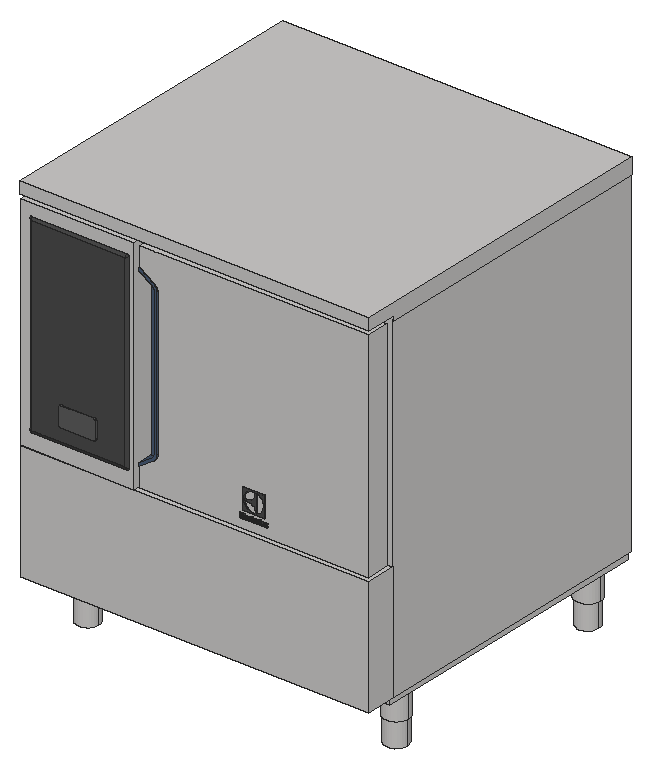
Revit family "QF_ELECTROLUXPROFESSIONAL_727730_EBFA61TE", category Specialty Equipment, Revit 2018
Family settings
  Round Connector Dimension = Use Diameter
  Part Type = Normal
  Work Plane-Based = No
  Always vertical = Yes
  Cut with Voids When Loaded = No
  Shared = No
  Room Calculation Point = No
Parameters
  Weight = 0.00 kg
  Watts = 0 W
  Volts = 380 V
  URL Manufacturer = "http://professional.electrolux.com"
  URL = "http://professional.electrolux.com"
  Steam Supply Size = 0 mm
  Steam Supply Minimum Pressure = 0.0 Pa
  Steam Supply Maximum Pressure = 0.0 Pa
  Steam Pounds per Hour = 0
  Show Logo [instance] = yes
  Show Clearance [instance] = yes
  Refrigeration Suction Line Size = 0 mm
  Refrigeration Liquid Line Size = 0 mm
  Refrigerant Compressor Remote = yes
  Manufacturer = "Electrolux"
  Phase = 3
  Model = "EBFA61TE"
  Length Actual = 897 mm  # constant formula
  Item Number = "727730"
  Hot Water Size = 0 mm
  Height Actual = 1060 mm  # constant formula
  HP = "3.6 HP"
  Gas Size = 0 mm
  Gas KW = 0
  Gas Input Pressure = 0 W
  Direct Waste Size = 139.7 mm
  Description = "SKYLINE CHILLS BLAST CHILLER FREEZER 30/30KG 6 GN 1/1 - WITH TOP"
  Depth Actual = 937 mm  # constant formula
  Cycle = 50 Hz
  Condensate Return Size = 0 mm
  Compressed Air Volume = 0.0 L/s
  Compressed Air Size = 0 mm
  Compressed Air Pressure = 0.0 Pa
  Cold Water Size = 0 mm
  Accessory = yes
Reference planes
  plane 1 "Center X": y = 126.851
  plane 2: z = 0
  plane 3 "Center Y": x = -311.5
  plane 4 "LEFT": x = -760
  plane 5 "BACK": y = 548.851
  plane 6 "RIGHT": x = 137
  plane 7 "FRONT": y = -295.149
  plane 8: z = 130
  plane 9 "TOP": z = 1060.038
  plane 10: x = -708
  plane 11: y = 473.851
  plane 12: x = 85
  plane 13: y = -142.149
  plane 14: z = 1020.038
  plane 15: y = 641.851
  plane 16: y = -847.149
Forms (mm)
  Extrusion 1, solid, material "QF_Finishes_Stainless Steel"
    sketch origin (0, 0, 1060.038) x (-1, 0, 0) y (0, -1, 0)
      loop
        line (759, -548.851) -> (759, 216.149) -> (-136, 216.149) -> (-136, -548.851) -> (759, -548.851)
    from -40 to -910.018
  Extrusion 2, solid, material "QF_Finishes_Stainless Steel"
    sketch origin (0, -295.149, 0) x (-1, 0, 0) y (0, 0, 1)
      loop
        line (451.2, 1020.033) -> (-135.995, 1020.033) -> (-135.995, 462.497) -> (451.2, 462.497) -> (451.2, 513.683) -> (415.41, 537.406)
        arc (415.41, 537.406) -> (408.839, 544.616) -> (406.46, 554.076) r 20
        line (406.46, 554.076) -> (406.46, 928.989)
        arc (406.46, 928.989) -> (408.716, 937.969) -> (414.947, 944.816) r 19
        line (414.947, 944.816) -> (451.2, 968.898) -> (451.2, 1020.033)
    from 0 to 60
  Extrusion 3, void
    sketch origin (-759, -216.149, 1060.038) x (-1, 0, 0) y (0, 0, 1)
      loop
        line (-370.8, -100) -> (-826.8, -100) -> (-826.8, -491.98) -> (-370.8, -491.98) -> (-370.8, -100)
    from 0 to 703
  Extrusion 4, solid, material "QF_Finishes_Stainless Steel"
    sketch origin (-760, -0.954, 0) x (0, 1, 0) y (0, 0, 1)
      loop
        line (549.805, 694.306) -> (549.805, 392.314) -> (635.5, 399.789)
        arc (635.5, 399.789) -> (640.702, 402.354) -> (642.805, 407.759) r 8
        line (642.805, 407.759) -> (642.805, 433.233)
        arc (642.805, 433.233) -> (638.783, 442.547) -> (642.805, 451.86) r 12.795
        line (642.805, 451.86) -> (642.805, 483.24)
        arc (642.805, 483.24) -> (638.783, 492.554) -> (642.805, 501.867) r 12.795
        line (642.805, 501.867) -> (642.805, 533.247)
        arc (642.805, 533.247) -> (638.783, 542.56) -> (642.805, 551.874) r 12.795
        line (642.805, 551.874) -> (642.805, 583.254)
        arc (642.805, 583.254) -> (638.783, 592.567) -> (642.805, 601.881) r 12.795
        line (642.805, 601.881) -> (642.805, 634.796)
        arc (642.805, 634.796) -> (641.466, 639.795) -> (637.808, 643.455) r 10
        line (637.808, 643.455) -> (549.805, 694.306)
    from 123.244 to 306.92
  Extrusion 5, solid, material "QF_Finishes_Stainless Steel"
    sketch origin (-817.599, 548.851, 1060.038) x (1, 0, 0) y (0, 0, -1)
      loop
        circle (121.599, 802.038) r 10.5
    from 0 to 29
  Extrusion 6, solid, material "QF_Finishes_Stainless Steel"
    sketch origin (0, -235.149, 0) x (-1, 0, 0) y (0, 0, 1)
      loop
        arc (406.46, 554.076) -> (408.839, 544.616) -> (415.41, 537.406) r 20
        line (415.41, 537.406) -> (451.2, 513.683) -> (451.2, 968.898) -> (414.947, 944.816)
        arc (414.947, 944.816) -> (408.716, 937.969) -> (406.46, 928.989) r 19
        line (406.46, 928.989) -> (406.46, 554.076)
    from -21 to 0
  Extrusion 7, solid, material "QF_Finishes_Electrolux_Blue"
    sketch origin (0, -295.149, 0) x (1, 0, 0) y (0, 0, 1)
      loop
        line (-451.2, 968.898) -> (-453.7, 968.898) -> (-453.7, 962.755) -> (-418.543, 939.401)
        arc (-418.543, 939.401) -> (-414.444, 934.897) -> (-412.96, 928.989) r 12.5
        line (-412.96, 928.989) -> (-412.96, 554.076)
        arc (-412.96, 554.076) -> (-414.566, 547.691) -> (-419.001, 542.824) r 13.5
        line (-419.001, 542.824) -> (-453.7, 519.824) -> (-453.7, 513.683) -> (-451.2, 513.683) -> (-415.41, 537.406)
        arc (-415.41, 537.406) -> (-408.839, 544.616) -> (-406.46, 554.076) r 20
        line (-406.46, 554.076) -> (-406.46, 928.989)
        arc (-406.46, 928.989) -> (-408.716, 937.969) -> (-414.947, 944.816) r 19
        line (-414.947, 944.816) -> (-451.2, 968.898)
    from -39 to 1
  Extrusion 8, solid, material "QF_Finishes_Stainless Steel"
    sketch origin (0, 0, 1060.038) x (-1, 0, 0) y (0, -1, 0)
      loop
        line (759, 295.149) -> (467.2, 295.149) -> (467.2, 217.149) -> (759, 217.149) -> (759, 295.149)
    from -40 to -607
  Extrusion 9, solid, material "QF_Finishes_Stainless Steel"
    sketch origin (-1206.916, -1524, 130) x (-1, 0, 0) y (0, -1, 0)
      loop
        line (-447.916, -1228.851) -> (-1342.916, -1228.851) -> (-1342.916, -1306.851) -> (-447.916, -1306.851) -> (-447.916, -1228.851)
    from 322 to 20.02
  Extrusion 10, solid, material "QF_Finishes_Stainless Steel"
    sketch origin (-311.5, 0, 0) x (0, 1, 0) y (0, 0, 1)
      loop
        line (548.851, 1060.038) -> (-295.149, 1060.038) -> (-295.149, 1030.034) -> (-216.149, 1030.034) -> (-216.149, 1020.038) -> (548.851, 1020.038) -> (548.851, 1060.038)
    from -448.5 to 448.5
  Extrusion 11, solid, material "QF_Finishes_Stainless Steel"
    sketch origin (0, 0, 1060.038) x (-1, 0, 0) y (0, -1, 0)
      loop
        line (748.993, -548.851) -> (748.993, 214.216) -> (-125.993, 214.216) -> (-125.993, -548.851) -> (748.993, -548.851)
    from -910.018 to -930.038
  Extrusion 12, solid, material "QF_Finishes_Stainless Steel"
    sketch origin (0, 0, 130) x (0, -1, 0) y (-1, 0, 0)
      loop
        circle (-215.851, 360) r 9.5
    from 0 to 31.68
  Extrusion 13, void
    sketch origin (0, 0, 1060.038) x (-1, 0, 0) y (0, -1, 0)
      loop
        line (627.033, -641.851) -> (636.756, -641.851) -> (636.756, -548.851) -> (635.125, -548.851) -> (627.033, -641.851)
      loop
        line (454.711, -548.851) -> (453.08, -548.851) -> (453.08, -641.851) -> (462.803, -641.851) -> (454.711, -548.851)
    from -673 to -363
  Extrusion 14, solid, material "QF_Door-Drawer Clearances", visible <- "Show Clearance", detail levels coarse
    sketch origin (143, -393.449, 0) x (0, -1, 0) y (0, 0, 1)
      loop
        line (451.2, 1020.033) -> (-98.3, 1020.033) -> (-98.3, 462.497) -> (451.2, 462.497) -> (451.2, 513.683) -> (415.41, 537.406)
        arc (415.41, 537.406) -> (408.839, 544.616) -> (406.46, 554.076) r 20
        line (406.46, 554.076) -> (406.46, 928.989)
        arc (406.46, 928.989) -> (408.716, 937.969) -> (414.947, 944.816) r 19
        line (414.947, 944.816) -> (451.2, 968.898) -> (451.2, 1020.033)
    from 0 to 60
  Extrusion 15, solid, material "QF_Door-Drawer Clearances", visible <- "Show Clearance", detail levels coarse
    sketch origin (83, -393.449, 0) x (0, -1, 0) y (0, 0, 1)
      loop
        arc (406.46, 554.076) -> (408.839, 544.616) -> (415.41, 537.406) r 20
        line (415.41, 537.406) -> (451.2, 513.683) -> (451.2, 968.898) -> (414.947, 944.816)
        arc (414.947, 944.816) -> (408.716, 937.969) -> (406.46, 928.989) r 19
        line (406.46, 928.989) -> (406.46, 554.076)
    from -21 to 0
  Extrusion 16, solid, material "QF_Door-Drawer Clearances", visible <- "Show Clearance", detail levels coarse
    sketch origin (143, -393.449, 0) x (0, 1, 0) y (0, 0, 1)
      loop
        line (-451.2, 968.898) -> (-453.7, 968.898) -> (-453.7, 962.755) -> (-418.543, 939.401)
        arc (-418.543, 939.401) -> (-414.444, 934.897) -> (-412.96, 928.989) r 12.5
        line (-412.96, 928.989) -> (-412.96, 554.076)
        arc (-412.96, 554.076) -> (-414.566, 547.691) -> (-419.001, 542.824) r 13.5
        line (-419.001, 542.824) -> (-453.7, 519.824) -> (-453.7, 513.683) -> (-451.2, 513.683) -> (-415.41, 537.406)
        arc (-415.41, 537.406) -> (-408.839, 544.616) -> (-406.46, 554.076) r 20
        line (-406.46, 554.076) -> (-406.46, 928.989)
        arc (-406.46, 928.989) -> (-408.716, 937.969) -> (-414.947, 944.816) r 19
        line (-414.947, 944.816) -> (-451.2, 968.898)
    from -39 to 1
  Extrusion 17, solid, material "QF_Door-Drawer Clearances", visible <- "Show Clearance", detail levels coarse
    sketch origin (0, 0, 1060.038) x (-1, 0, 0) y (0, -1, 0)
      loop
        line (-83, 295.149) -> (451.2, 295.149)
        arc (451.2, 295.149) -> (290.883, 673.709) -> (-83, 844.649) r 567.425
        line (-83, 844.649) -> (-83, 295.149)
    from -597.541 to -40
Cuts and joins
  Extrusion 3 cuts Extrusion 1
  Extrusion 13 cuts Extrusion 4
  joined: Extrusion 1, Extrusion 4, Extrusion 5, Extrusion 10, Extrusion 11, Extrusion 12
  joined: Extrusion 2, Extrusion 6
  joined: Extrusion 14, Extrusion 15, Extrusion 16, Extrusion 17
Lines and regions (mm)
  Split face 1
    outline origin (-489, -295.149, 130) x (-1, 0, 0) y (0, 0, -1)
      loop
        line (-132.388, -290.639) -> (-22.373, -290.639) -> (-22.373, -285.612) -> (-132.388, -285.612) -> (-132.388, -290.639)
  Split face 2
    outline origin (-489, -295.149, 120.528) x (-1, 0, 0) y (0, 0, -1)
      loop
        line (-132.388, -290.639) -> (-22.373, -290.639) -> (-22.373, -285.612) -> (-132.388, -285.612) -> (-132.388, -290.639)
  Split face 3
    outline origin (-489, -295.149, 111.056) x (-1, 0, 0) y (0, 0, -1)
      loop
        line (-132.388, -290.639) -> (-22.373, -290.639) -> (-22.373, -285.612) -> (-132.388, -285.612) -> (-132.388, -290.639)
  Split face 4
    outline origin (-489, -295.149, 101.583) x (-1, 0, 0) y (0, 0, -1)
      loop
        line (-132.388, -290.639) -> (-22.373, -290.639) -> (-22.373, -285.612) -> (-132.388, -285.612) -> (-132.388, -290.639)
  Split face 5
    outline origin (-489, -295.149, 92.111) x (-1, 0, 0) y (0, 0, -1)
      loop
        line (-132.388, -290.639) -> (-22.373, -290.639) -> (-22.373, -285.612) -> (-132.388, -285.612) -> (-132.388, -290.639)
  Split face 6
    outline origin (-489, -295.149, 82.639) x (-1, 0, 0) y (0, 0, -1)
      loop
        line (-132.388, -290.639) -> (-22.373, -290.639) -> (-22.373, -285.612) -> (-132.388, -285.612) -> (-132.388, -290.639)
  Split face 7
    outline origin (-489, -295.149, 73.167) x (-1, 0, 0) y (0, 0, -1)
      loop
        line (-132.388, -290.639) -> (-22.373, -290.639) -> (-22.373, -285.612) -> (-132.388, -285.612) -> (-132.388, -290.639)
  Split face 8
    outline origin (-489, -295.149, 63.695) x (-1, 0, 0) y (0, 0, -1)
      loop
        line (-132.388, -290.639) -> (-22.373, -290.639) -> (-22.373, -285.612) -> (-132.388, -285.612) -> (-132.388, -290.639)
  Split face 9
    outline origin (-489, -295.149, 54.223) x (-1, 0, 0) y (0, 0, -1)
      loop
        line (-132.388, -290.639) -> (-22.373, -290.639) -> (-22.373, -285.612) -> (-132.388, -285.612) -> (-132.388, -290.639)
  Split face 10
    outline origin (-489, -295.149, 44.75) x (-1, 0, 0) y (0, 0, -1)
      loop
        line (-132.388, -290.639) -> (-22.373, -290.639) -> (-22.373, -285.612) -> (-132.388, -285.612) -> (-132.388, -290.639)
  Split face 11
    outline origin (-489, -295.149, 35.278) x (-1, 0, 0) y (0, 0, -1)
      loop
        line (-132.388, -290.639) -> (-22.373, -290.639) -> (-22.373, -285.612) -> (-132.388, -285.612) -> (-132.388, -290.639)
  Split face 12
    outline origin (-489, -295.149, 25.806) x (-1, 0, 0) y (0, 0, -1)
      loop
        line (-132.388, -290.639) -> (-22.373, -290.639) -> (-22.373, -285.612) -> (-132.388, -285.612) -> (-132.388, -290.639)
  Split face 13
    outline origin (-489, -295.149, 16.334) x (-1, 0, 0) y (0, 0, -1)
      loop
        line (-132.388, -290.639) -> (-22.373, -290.639) -> (-22.373, -285.612) -> (-132.388, -285.612) -> (-132.388, -290.639)
  Split face 14
    outline origin (-489, -295.149, 6.862) x (-1, 0, 0) y (0, 0, -1)
      loop
        line (-132.388, -290.639) -> (-22.373, -290.639) -> (-22.373, -285.612) -> (-132.388, -285.612) -> (-132.388, -290.639)
  Split face 15
    outline origin (-489, -295.149, -2.611) x (-1, 0, 0) y (0, 0, -1)
      loop
        line (-132.388, -290.639) -> (-22.373, -290.639) -> (-22.373, -285.612) -> (-132.388, -285.612) -> (-132.388, -290.639)
  Split face 16
    outline origin (-489, -295.149, -12.083) x (-1, 0, 0) y (0, 0, -1)
      loop
        line (-132.388, -290.639) -> (-22.373, -290.639) -> (-22.373, -285.612) -> (-132.388, -285.612) -> (-132.388, -290.639)
  Split face 17
    outline origin (-489, -295.149, -21.555) x (-1, 0, 0) y (0, 0, -1)
      loop
        line (-132.388, -290.639) -> (-22.373, -290.639) -> (-22.373, -285.612) -> (-132.388, -285.612) -> (-132.388, -290.639)
  Split face 18
    outline origin (-489, -295.149, -31.027) x (-1, 0, 0) y (0, 0, -1)
      loop
        line (-132.388, -290.639) -> (-22.373, -290.639) -> (-22.373, -285.612) -> (-132.388, -285.612) -> (-132.388, -290.639)
  Split face 19
    outline origin (-489, -295.149, -40.499) x (-1, 0, 0) y (0, 0, -1)
      loop
        line (-132.388, -290.639) -> (-22.373, -290.639) -> (-22.373, -285.612) -> (-132.388, -285.612) -> (-132.388, -290.639)
  Split face 20
    outline origin (-489, -295.149, -49.972) x (-1, 0, 0) y (0, 0, -1)
      loop
        line (-132.388, -290.639) -> (-22.373, -290.639) -> (-22.373, -285.612) -> (-132.388, -285.612) -> (-132.388, -290.639)
  Split face 21
    outline origin (-489, -295.149, -59.444) x (-1, 0, 0) y (0, 0, -1)
      loop
        line (-132.388, -290.639) -> (-22.373, -290.639) -> (-22.373, -285.612) -> (-132.388, -285.612) -> (-132.388, -290.639)
  Split face 22
    outline origin (-489, -295.149, -68.916) x (-1, 0, 0) y (0, 0, -1)
      loop
        line (-132.388, -290.639) -> (-22.373, -290.639) -> (-22.373, -285.612) -> (-132.388, -285.612) -> (-132.388, -290.639)
  Split face 23
    outline origin (-489, -295.149, -78.388) x (-1, 0, 0) y (0, 0, -1)
      loop
        line (-132.388, -290.639) -> (-22.373, -290.639) -> (-22.373, -285.612) -> (-132.388, -285.612) -> (-132.388, -290.639)
  Split face 24
    outline origin (-489, -295.149, -87.86) x (-1, 0, 0) y (0, 0, -1)
      loop
        line (-132.388, -290.639) -> (-22.373, -290.639) -> (-22.373, -285.612) -> (-132.388, -285.612) -> (-132.388, -290.639)
  Split face 25
    outline origin (-489, -295.149, -97.332) x (-1, 0, 0) y (0, 0, -1)
      loop
        line (-132.388, -290.639) -> (-22.373, -290.639) -> (-22.373, -285.612) -> (-132.388, -285.612) -> (-132.388, -290.639)
  Split face 26
    outline origin (-489, -295.149, -106.805) x (-1, 0, 0) y (0, 0, -1)
      loop
        line (-132.388, -290.639) -> (-22.373, -290.639) -> (-22.373, -285.612) -> (-132.388, -285.612) -> (-132.388, -290.639)
  Split face 27
    outline origin (-373.984, -295.149, 130) x (-1, 0, 0) y (0, 0, -1)
      loop
        line (-132.388, -290.639) -> (-22.373, -290.639) -> (-22.373, -285.612) -> (-132.388, -285.612) -> (-132.388, -290.639)
  Split face 28
    outline origin (-373.984, -295.149, 120.528) x (-1, 0, 0) y (0, 0, -1)
      loop
        line (-132.388, -290.639) -> (-22.373, -290.639) -> (-22.373, -285.612) -> (-132.388, -285.612) -> (-132.388, -290.639)
  Split face 29
    outline origin (-373.984, -295.149, 111.056) x (-1, 0, 0) y (0, 0, -1)
      loop
        line (-132.388, -290.639) -> (-22.373, -290.639) -> (-22.373, -285.612) -> (-132.388, -285.612) -> (-132.388, -290.639)
  Split face 30
    outline origin (-373.984, -295.149, 101.583) x (-1, 0, 0) y (0, 0, -1)
      loop
        line (-132.388, -290.639) -> (-22.373, -290.639) -> (-22.373, -285.612) -> (-132.388, -285.612) -> (-132.388, -290.639)
  Split face 31
    outline origin (-373.984, -295.149, 92.111) x (-1, 0, 0) y (0, 0, -1)
      loop
        line (-132.388, -290.639) -> (-22.373, -290.639) -> (-22.373, -285.612) -> (-132.388, -285.612) -> (-132.388, -290.639)
  Split face 32
    outline origin (-373.984, -295.149, 82.639) x (-1, 0, 0) y (0, 0, -1)
      loop
        line (-132.388, -290.639) -> (-22.373, -290.639) -> (-22.373, -285.612) -> (-132.388, -285.612) -> (-132.388, -290.639)
  Split face 33
    outline origin (-373.984, -295.149, 73.167) x (-1, 0, 0) y (0, 0, -1)
      loop
        line (-132.388, -290.639) -> (-22.373, -290.639) -> (-22.373, -285.612) -> (-132.388, -285.612) -> (-132.388, -290.639)
  Split face 34
    outline origin (-373.984, -295.149, 63.695) x (-1, 0, 0) y (0, 0, -1)
      loop
        line (-132.388, -290.639) -> (-22.373, -290.639) -> (-22.373, -285.612) -> (-132.388, -285.612) -> (-132.388, -290.639)
  Split face 35
    outline origin (-373.984, -295.149, 54.223) x (-1, 0, 0) y (0, 0, -1)
      loop
        line (-132.388, -290.639) -> (-22.373, -290.639) -> (-22.373, -285.612) -> (-132.388, -285.612) -> (-132.388, -290.639)
  Split face 36
    outline origin (-373.984, -295.149, 44.75) x (-1, 0, 0) y (0, 0, -1)
      loop
        line (-132.388, -290.639) -> (-22.373, -290.639) -> (-22.373, -285.612) -> (-132.388, -285.612) -> (-132.388, -290.639)
  Split face 37
    outline origin (-373.984, -295.149, 35.278) x (-1, 0, 0) y (0, 0, -1)
      loop
        line (-132.388, -290.639) -> (-22.373, -290.639) -> (-22.373, -285.612) -> (-132.388, -285.612) -> (-132.388, -290.639)
  Split face 38
    outline origin (-373.984, -295.149, 25.806) x (-1, 0, 0) y (0, 0, -1)
      loop
        line (-132.388, -290.639) -> (-22.373, -290.639) -> (-22.373, -285.612) -> (-132.388, -285.612) -> (-132.388, -290.639)
  Split face 39
    outline origin (-373.984, -295.149, 16.334) x (-1, 0, 0) y (0, 0, -1)
      loop
        line (-132.388, -290.639) -> (-22.373, -290.639) -> (-22.373, -285.612) -> (-132.388, -285.612) -> (-132.388, -290.639)
  Split face 40
    outline origin (-373.984, -295.149, 6.862) x (-1, 0, 0) y (0, 0, -1)
      loop
        line (-132.388, -290.639) -> (-22.373, -290.639) -> (-22.373, -285.612) -> (-132.388, -285.612) -> (-132.388, -290.639)
  Split face 41
    outline origin (-373.984, -295.149, -2.611) x (-1, 0, 0) y (0, 0, -1)
      loop
        line (-132.388, -290.639) -> (-22.373, -290.639) -> (-22.373, -285.612) -> (-132.388, -285.612) -> (-132.388, -290.639)
  Split face 42
    outline origin (-373.984, -295.149, -12.083) x (-1, 0, 0) y (0, 0, -1)
      loop
        line (-132.388, -290.639) -> (-22.373, -290.639) -> (-22.373, -285.612) -> (-132.388, -285.612) -> (-132.388, -290.639)
  Split face 43
    outline origin (-373.984, -295.149, -21.555) x (-1, 0, 0) y (0, 0, -1)
      loop
        line (-132.388, -290.639) -> (-22.373, -290.639) -> (-22.373, -285.612) -> (-132.388, -285.612) -> (-132.388, -290.639)
  Split face 44
    outline origin (-373.984, -295.149, -31.027) x (-1, 0, 0) y (0, 0, -1)
      loop
        line (-132.388, -290.639) -> (-22.373, -290.639) -> (-22.373, -285.612) -> (-132.388, -285.612) -> (-132.388, -290.639)
  Split face 45
    outline origin (-373.984, -295.149, -40.499) x (-1, 0, 0) y (0, 0, -1)
      loop
        line (-132.388, -290.639) -> (-22.373, -290.639) -> (-22.373, -285.612) -> (-132.388, -285.612) -> (-132.388, -290.639)
  Split face 46
    outline origin (-373.984, -295.149, -49.972) x (-1, 0, 0) y (0, 0, -1)
      loop
        line (-132.388, -290.639) -> (-22.373, -290.639) -> (-22.373, -285.612) -> (-132.388, -285.612) -> (-132.388, -290.639)
  Split face 47
    outline origin (-373.984, -295.149, -59.444) x (-1, 0, 0) y (0, 0, -1)
      loop
        line (-132.388, -290.639) -> (-22.373, -290.639) -> (-22.373, -285.612) -> (-132.388, -285.612) -> (-132.388, -290.639)
  Split face 48
    outline origin (-373.984, -295.149, -68.916) x (-1, 0, 0) y (0, 0, -1)
      loop
        line (-132.388, -290.639) -> (-22.373, -290.639) -> (-22.373, -285.612) -> (-132.388, -285.612) -> (-132.388, -290.639)
  Split face 49
    outline origin (-373.984, -295.149, -78.388) x (-1, 0, 0) y (0, 0, -1)
      loop
        line (-132.388, -290.639) -> (-22.373, -290.639) -> (-22.373, -285.612) -> (-132.388, -285.612) -> (-132.388, -290.639)
  Split face 50
    outline origin (-373.984, -295.149, -87.86) x (-1, 0, 0) y (0, 0, -1)
      loop
        line (-132.388, -290.639) -> (-22.373, -290.639) -> (-22.373, -285.612) -> (-132.388, -285.612) -> (-132.388, -290.639)
  Split face 51
    outline origin (-373.984, -295.149, -97.332) x (-1, 0, 0) y (0, 0, -1)
      loop
        line (-132.388, -290.639) -> (-22.373, -290.639) -> (-22.373, -285.612) -> (-132.388, -285.612) -> (-132.388, -290.639)
  Split face 52
    outline origin (-373.984, -295.149, -106.805) x (-1, 0, 0) y (0, 0, -1)
      loop
        line (-132.388, -290.639) -> (-22.373, -290.639) -> (-22.373, -285.612) -> (-132.388, -285.612) -> (-132.388, -290.639)
  Split face 53
    outline origin (-258.969, -295.149, 130) x (-1, 0, 0) y (0, 0, -1)
      loop
        line (-132.388, -290.639) -> (-22.373, -290.639) -> (-22.373, -285.612) -> (-132.388, -285.612) -> (-132.388, -290.639)
  Split face 54
    outline origin (-258.969, -295.149, 120.528) x (-1, 0, 0) y (0, 0, -1)
      loop
        line (-132.388, -290.639) -> (-22.373, -290.639) -> (-22.373, -285.612) -> (-132.388, -285.612) -> (-132.388, -290.639)
  Split face 55
    outline origin (-258.969, -295.149, 111.056) x (-1, 0, 0) y (0, 0, -1)
      loop
        line (-132.388, -290.639) -> (-22.373, -290.639) -> (-22.373, -285.612) -> (-132.388, -285.612) -> (-132.388, -290.639)
  Split face 56
    outline origin (-258.969, -295.149, 101.583) x (-1, 0, 0) y (0, 0, -1)
      loop
        line (-132.388, -290.639) -> (-22.373, -290.639) -> (-22.373, -285.612) -> (-132.388, -285.612) -> (-132.388, -290.639)
  Split face 57
    outline origin (-258.969, -295.149, 92.111) x (-1, 0, 0) y (0, 0, -1)
      loop
        line (-132.388, -290.639) -> (-22.373, -290.639) -> (-22.373, -285.612) -> (-132.388, -285.612) -> (-132.388, -290.639)
  Split face 58
    outline origin (-258.969, -295.149, 82.639) x (-1, 0, 0) y (0, 0, -1)
      loop
        line (-132.388, -290.639) -> (-22.373, -290.639) -> (-22.373, -285.612) -> (-132.388, -285.612) -> (-132.388, -290.639)
  Split face 59
    outline origin (-258.969, -295.149, 73.167) x (-1, 0, 0) y (0, 0, -1)
      loop
        line (-132.388, -290.639) -> (-22.373, -290.639) -> (-22.373, -285.612) -> (-132.388, -285.612) -> (-132.388, -290.639)
  Split face 60
    outline origin (-258.969, -295.149, 63.695) x (-1, 0, 0) y (0, 0, -1)
      loop
        line (-132.388, -290.639) -> (-22.373, -290.639) -> (-22.373, -285.612) -> (-132.388, -285.612) -> (-132.388, -290.639)
  Split face 61
    outline origin (-258.969, -295.149, 54.223) x (-1, 0, 0) y (0, 0, -1)
      loop
        line (-132.388, -290.639) -> (-22.373, -290.639) -> (-22.373, -285.612) -> (-132.388, -285.612) -> (-132.388, -290.639)
  Split face 62
    outline origin (-258.969, -295.149, 44.75) x (-1, 0, 0) y (0, 0, -1)
      loop
        line (-132.388, -290.639) -> (-22.373, -290.639) -> (-22.373, -285.612) -> (-132.388, -285.612) -> (-132.388, -290.639)
  Split face 63
    outline origin (-258.969, -295.149, 35.278) x (-1, 0, 0) y (0, 0, -1)
      loop
        line (-132.388, -290.639) -> (-22.373, -290.639) -> (-22.373, -285.612) -> (-132.388, -285.612) -> (-132.388, -290.639)
  Split face 64
    outline origin (-258.969, -295.149, 25.806) x (-1, 0, 0) y (0, 0, -1)
      loop
        line (-132.388, -290.639) -> (-22.373, -290.639) -> (-22.373, -285.612) -> (-132.388, -285.612) -> (-132.388, -290.639)
  Split face 65
    outline origin (-258.969, -295.149, 16.334) x (-1, 0, 0) y (0, 0, -1)
      loop
        line (-132.388, -290.639) -> (-22.373, -290.639) -> (-22.373, -285.612) -> (-132.388, -285.612) -> (-132.388, -290.639)
  Split face 66
    outline origin (-258.969, -295.149, 6.862) x (-1, 0, 0) y (0, 0, -1)
      loop
        line (-132.388, -290.639) -> (-22.373, -290.639) -> (-22.373, -285.612) -> (-132.388, -285.612) -> (-132.388, -290.639)
  Split face 67
    outline origin (-258.969, -295.149, -2.611) x (-1, 0, 0) y (0, 0, -1)
      loop
        line (-132.388, -290.639) -> (-22.373, -290.639) -> (-22.373, -285.612) -> (-132.388, -285.612) -> (-132.388, -290.639)
  Split face 68
    outline origin (-258.969, -295.149, -12.083) x (-1, 0, 0) y (0, 0, -1)
      loop
        line (-132.388, -290.639) -> (-22.373, -290.639) -> (-22.373, -285.612) -> (-132.388, -285.612) -> (-132.388, -290.639)
  Split face 69
    outline origin (-258.969, -295.149, -21.555) x (-1, 0, 0) y (0, 0, -1)
      loop
        line (-132.388, -290.639) -> (-22.373, -290.639) -> (-22.373, -285.612) -> (-132.388, -285.612) -> (-132.388, -290.639)
  Split face 70
    outline origin (-258.969, -295.149, -31.027) x (-1, 0, 0) y (0, 0, -1)
      loop
        line (-132.388, -290.639) -> (-22.373, -290.639) -> (-22.373, -285.612) -> (-132.388, -285.612) -> (-132.388, -290.639)
  Split face 71
    outline origin (-258.969, -295.149, -40.499) x (-1, 0, 0) y (0, 0, -1)
      loop
        line (-132.388, -290.639) -> (-22.373, -290.639) -> (-22.373, -285.612) -> (-132.388, -285.612) -> (-132.388, -290.639)
  Split face 72
    outline origin (-258.969, -295.149, -49.972) x (-1, 0, 0) y (0, 0, -1)
      loop
        line (-132.388, -290.639) -> (-22.373, -290.639) -> (-22.373, -285.612) -> (-132.388, -285.612) -> (-132.388, -290.639)
  Split face 73
    outline origin (-258.969, -295.149, -59.444) x (-1, 0, 0) y (0, 0, -1)
      loop
        line (-132.388, -290.639) -> (-22.373, -290.639) -> (-22.373, -285.612) -> (-132.388, -285.612) -> (-132.388, -290.639)
  Split face 74
    outline origin (-258.969, -295.149, -68.916) x (-1, 0, 0) y (0, 0, -1)
      loop
        line (-132.388, -290.639) -> (-22.373, -290.639) -> (-22.373, -285.612) -> (-132.388, -285.612) -> (-132.388, -290.639)
  Split face 75
    outline origin (-258.969, -295.149, -78.388) x (-1, 0, 0) y (0, 0, -1)
      loop
        line (-132.388, -290.639) -> (-22.373, -290.639) -> (-22.373, -285.612) -> (-132.388, -285.612) -> (-132.388, -290.639)
  Split face 76
    outline origin (-258.969, -295.149, -87.86) x (-1, 0, 0) y (0, 0, -1)
      loop
        line (-132.388, -290.639) -> (-22.373, -290.639) -> (-22.373, -285.612) -> (-132.388, -285.612) -> (-132.388, -290.639)
  Split face 77
    outline origin (-258.969, -295.149, -97.332) x (-1, 0, 0) y (0, 0, -1)
      loop
        line (-132.388, -290.639) -> (-22.373, -290.639) -> (-22.373, -285.612) -> (-132.388, -285.612) -> (-132.388, -290.639)
  Split face 78
    outline origin (-258.969, -295.149, -106.805) x (-1, 0, 0) y (0, 0, -1)
      loop
        line (-132.388, -290.639) -> (-22.373, -290.639) -> (-22.373, -285.612) -> (-132.388, -285.612) -> (-132.388, -290.639)
  Split face 79
    outline origin (-143.953, -295.149, 130) x (-1, 0, 0) y (0, 0, -1)
      loop
        line (-132.388, -290.639) -> (-22.373, -290.639) -> (-22.373, -285.612) -> (-132.388, -285.612) -> (-132.388, -290.639)
  Split face 80
    outline origin (-143.953, -295.149, 120.528) x (-1, 0, 0) y (0, 0, -1)
      loop
        line (-132.388, -290.639) -> (-22.373, -290.639) -> (-22.373, -285.612) -> (-132.388, -285.612) -> (-132.388, -290.639)
  Split face 81
    outline origin (-143.953, -295.149, 111.056) x (-1, 0, 0) y (0, 0, -1)
      loop
        line (-132.388, -290.639) -> (-22.373, -290.639) -> (-22.373, -285.612) -> (-132.388, -285.612) -> (-132.388, -290.639)
  Split face 82
    outline origin (-143.953, -295.149, 101.583) x (-1, 0, 0) y (0, 0, -1)
      loop
        line (-132.388, -290.639) -> (-22.373, -290.639) -> (-22.373, -285.612) -> (-132.388, -285.612) -> (-132.388, -290.639)
  Split face 83
    outline origin (-143.953, -295.149, 92.111) x (-1, 0, 0) y (0, 0, -1)
      loop
        line (-132.388, -290.639) -> (-22.373, -290.639) -> (-22.373, -285.612) -> (-132.388, -285.612) -> (-132.388, -290.639)
  Split face 84
    outline origin (-143.953, -295.149, 82.639) x (-1, 0, 0) y (0, 0, -1)
      loop
        line (-132.388, -290.639) -> (-22.373, -290.639) -> (-22.373, -285.612) -> (-132.388, -285.612) -> (-132.388, -290.639)
  Split face 85
    outline origin (-143.953, -295.149, 73.167) x (-1, 0, 0) y (0, 0, -1)
      loop
        line (-132.388, -290.639) -> (-22.373, -290.639) -> (-22.373, -285.612) -> (-132.388, -285.612) -> (-132.388, -290.639)
  Split face 86
    outline origin (-143.953, -295.149, 63.695) x (-1, 0, 0) y (0, 0, -1)
      loop
        line (-132.388, -290.639) -> (-22.373, -290.639) -> (-22.373, -285.612) -> (-132.388, -285.612) -> (-132.388, -290.639)
  Split face 87
    outline origin (-143.953, -295.149, 54.223) x (-1, 0, 0) y (0, 0, -1)
      loop
        line (-132.388, -290.639) -> (-22.373, -290.639) -> (-22.373, -285.612) -> (-132.388, -285.612) -> (-132.388, -290.639)
  Split face 88
    outline origin (-143.953, -295.149, 44.75) x (-1, 0, 0) y (0, 0, -1)
      loop
        line (-132.388, -290.639) -> (-22.373, -290.639) -> (-22.373, -285.612) -> (-132.388, -285.612) -> (-132.388, -290.639)
  Split face 89
    outline origin (-143.953, -295.149, 35.278) x (-1, 0, 0) y (0, 0, -1)
      loop
        line (-132.388, -290.639) -> (-22.373, -290.639) -> (-22.373, -285.612) -> (-132.388, -285.612) -> (-132.388, -290.639)
  Split face 90
    outline origin (-143.953, -295.149, 25.806) x (-1, 0, 0) y (0, 0, -1)
      loop
        line (-132.388, -290.639) -> (-22.373, -290.639) -> (-22.373, -285.612) -> (-132.388, -285.612) -> (-132.388, -290.639)
  Split face 91
    outline origin (-143.953, -295.149, 16.334) x (-1, 0, 0) y (0, 0, -1)
      loop
        line (-132.388, -290.639) -> (-22.373, -290.639) -> (-22.373, -285.612) -> (-132.388, -285.612) -> (-132.388, -290.639)
  Split face 92
    outline origin (-143.953, -295.149, 6.862) x (-1, 0, 0) y (0, 0, -1)
      loop
        line (-132.388, -290.639) -> (-22.373, -290.639) -> (-22.373, -285.612) -> (-132.388, -285.612) -> (-132.388, -290.639)
  Split face 93
    outline origin (-143.953, -295.149, -2.611) x (-1, 0, 0) y (0, 0, -1)
      loop
        line (-132.388, -290.639) -> (-22.373, -290.639) -> (-22.373, -285.612) -> (-132.388, -285.612) -> (-132.388, -290.639)
  Split face 94
    outline origin (-143.953, -295.149, -12.083) x (-1, 0, 0) y (0, 0, -1)
      loop
        line (-132.388, -290.639) -> (-22.373, -290.639) -> (-22.373, -285.612) -> (-132.388, -285.612) -> (-132.388, -290.639)
  Split face 95
    outline origin (-143.953, -295.149, -21.555) x (-1, 0, 0) y (0, 0, -1)
      loop
        line (-132.388, -290.639) -> (-22.373, -290.639) -> (-22.373, -285.612) -> (-132.388, -285.612) -> (-132.388, -290.639)
  Split face 96
    outline origin (-143.953, -295.149, -31.027) x (-1, 0, 0) y (0, 0, -1)
      loop
        line (-132.388, -290.639) -> (-22.373, -290.639) -> (-22.373, -285.612) -> (-132.388, -285.612) -> (-132.388, -290.639)
  Split face 97
    outline origin (-143.953, -295.149, -40.499) x (-1, 0, 0) y (0, 0, -1)
      loop
        line (-132.388, -290.639) -> (-22.373, -290.639) -> (-22.373, -285.612) -> (-132.388, -285.612) -> (-132.388, -290.639)
  Split face 98
    outline origin (-143.953, -295.149, -49.972) x (-1, 0, 0) y (0, 0, -1)
      loop
        line (-132.388, -290.639) -> (-22.373, -290.639) -> (-22.373, -285.612) -> (-132.388, -285.612) -> (-132.388, -290.639)
  Split face 99
    outline origin (-143.953, -295.149, -59.444) x (-1, 0, 0) y (0, 0, -1)
      loop
        line (-132.388, -290.639) -> (-22.373, -290.639) -> (-22.373, -285.612) -> (-132.388, -285.612) -> (-132.388, -290.639)
  Split face 100
    outline origin (-143.953, -295.149, -68.916) x (-1, 0, 0) y (0, 0, -1)
      loop
        line (-132.388, -290.639) -> (-22.373, -290.639) -> (-22.373, -285.612) -> (-132.388, -285.612) -> (-132.388, -290.639)
  Split face 101
    outline origin (-143.953, -295.149, -78.388) x (-1, 0, 0) y (0, 0, -1)
      loop
        line (-132.388, -290.639) -> (-22.373, -290.639) -> (-22.373, -285.612) -> (-132.388, -285.612) -> (-132.388, -290.639)
  Split face 102
    outline origin (-143.953, -295.149, -87.86) x (-1, 0, 0) y (0, 0, -1)
      loop
        line (-132.388, -290.639) -> (-22.373, -290.639) -> (-22.373, -285.612) -> (-132.388, -285.612) -> (-132.388, -290.639)
  Split face 103
    outline origin (-143.953, -295.149, -97.332) x (-1, 0, 0) y (0, 0, -1)
      loop
        line (-132.388, -290.639) -> (-22.373, -290.639) -> (-22.373, -285.612) -> (-132.388, -285.612) -> (-132.388, -290.639)
  Split face 104
    outline origin (-143.953, -295.149, -106.805) x (-1, 0, 0) y (0, 0, -1)
      loop
        line (-132.388, -290.639) -> (-22.373, -290.639) -> (-22.373, -285.612) -> (-132.388, -285.612) -> (-132.388, -290.639)
  Split face 105
    outline origin (-28.938, -295.149, 130) x (-1, 0, 0) y (0, 0, -1)
      loop
        line (-132.388, -290.639) -> (-22.373, -290.639) -> (-22.373, -285.612) -> (-132.388, -285.612) -> (-132.388, -290.639)
  Split face 106
    outline origin (-28.938, -295.149, 120.528) x (-1, 0, 0) y (0, 0, -1)
      loop
        line (-132.388, -290.639) -> (-22.373, -290.639) -> (-22.373, -285.612) -> (-132.388, -285.612) -> (-132.388, -290.639)
  Split face 107
    outline origin (-28.938, -295.149, 111.056) x (-1, 0, 0) y (0, 0, -1)
      loop
        line (-132.388, -290.639) -> (-22.373, -290.639) -> (-22.373, -285.612) -> (-132.388, -285.612) -> (-132.388, -290.639)
  Split face 108
    outline origin (-28.938, -295.149, 101.583) x (-1, 0, 0) y (0, 0, -1)
      loop
        line (-132.388, -290.639) -> (-22.373, -290.639) -> (-22.373, -285.612) -> (-132.388, -285.612) -> (-132.388, -290.639)
  Split face 109
    outline origin (-28.938, -295.149, 92.111) x (-1, 0, 0) y (0, 0, -1)
      loop
        line (-132.388, -290.639) -> (-22.373, -290.639) -> (-22.373, -285.612) -> (-132.388, -285.612) -> (-132.388, -290.639)
  Split face 110
    outline origin (-28.938, -295.149, 82.639) x (-1, 0, 0) y (0, 0, -1)
      loop
        line (-132.388, -290.639) -> (-22.373, -290.639) -> (-22.373, -285.612) -> (-132.388, -285.612) -> (-132.388, -290.639)
  Split face 111
    outline origin (-28.938, -295.149, 73.167) x (-1, 0, 0) y (0, 0, -1)
      loop
        line (-132.388, -290.639) -> (-22.373, -290.639) -> (-22.373, -285.612) -> (-132.388, -285.612) -> (-132.388, -290.639)
  Split face 112
    outline origin (-28.938, -295.149, 63.695) x (-1, 0, 0) y (0, 0, -1)
      loop
        line (-132.388, -290.639) -> (-22.373, -290.639) -> (-22.373, -285.612) -> (-132.388, -285.612) -> (-132.388, -290.639)
  Split face 113
    outline origin (-28.938, -295.149, 54.223) x (-1, 0, 0) y (0, 0, -1)
      loop
        line (-132.388, -290.639) -> (-22.373, -290.639) -> (-22.373, -285.612) -> (-132.388, -285.612) -> (-132.388, -290.639)
  Split face 114
    outline origin (-28.938, -295.149, 44.75) x (-1, 0, 0) y (0, 0, -1)
      loop
        line (-132.388, -290.639) -> (-22.373, -290.639) -> (-22.373, -285.612) -> (-132.388, -285.612) -> (-132.388, -290.639)
  Split face 115
    outline origin (-28.938, -295.149, 35.278) x (-1, 0, 0) y (0, 0, -1)
      loop
        line (-132.388, -290.639) -> (-22.373, -290.639) -> (-22.373, -285.612) -> (-132.388, -285.612) -> (-132.388, -290.639)
  Split face 116
    outline origin (-28.938, -295.149, 25.806) x (-1, 0, 0) y (0, 0, -1)
      loop
        line (-132.388, -290.639) -> (-22.373, -290.639) -> (-22.373, -285.612) -> (-132.388, -285.612) -> (-132.388, -290.639)
  Split face 117
    outline origin (-28.938, -295.149, 16.334) x (-1, 0, 0) y (0, 0, -1)
      loop
        line (-132.388, -290.639) -> (-22.373, -290.639) -> (-22.373, -285.612) -> (-132.388, -285.612) -> (-132.388, -290.639)
  Split face 118
    outline origin (-28.938, -295.149, 6.862) x (-1, 0, 0) y (0, 0, -1)
      loop
        line (-132.388, -290.639) -> (-22.373, -290.639) -> (-22.373, -285.612) -> (-132.388, -285.612) -> (-132.388, -290.639)
  Split face 119
    outline origin (-28.938, -295.149, -2.611) x (-1, 0, 0) y (0, 0, -1)
      loop
        line (-132.388, -290.639) -> (-22.373, -290.639) -> (-22.373, -285.612) -> (-132.388, -285.612) -> (-132.388, -290.639)
  Split face 120
    outline origin (-28.938, -295.149, -12.083) x (-1, 0, 0) y (0, 0, -1)
      loop
        line (-132.388, -290.639) -> (-22.373, -290.639) -> (-22.373, -285.612) -> (-132.388, -285.612) -> (-132.388, -290.639)
  Split face 121
    outline origin (-28.938, -295.149, -21.555) x (-1, 0, 0) y (0, 0, -1)
      loop
        line (-132.388, -290.639) -> (-22.373, -290.639) -> (-22.373, -285.612) -> (-132.388, -285.612) -> (-132.388, -290.639)
  Split face 122
    outline origin (-28.938, -295.149, -31.027) x (-1, 0, 0) y (0, 0, -1)
      loop
        line (-132.388, -290.639) -> (-22.373, -290.639) -> (-22.373, -285.612) -> (-132.388, -285.612) -> (-132.388, -290.639)
  Split face 123
    outline origin (-28.938, -295.149, -40.499) x (-1, 0, 0) y (0, 0, -1)
      loop
        line (-132.388, -290.639) -> (-22.373, -290.639) -> (-22.373, -285.612) -> (-132.388, -285.612) -> (-132.388, -290.639)
  Split face 124
    outline origin (-28.938, -295.149, -49.972) x (-1, 0, 0) y (0, 0, -1)
      loop
        line (-132.388, -290.639) -> (-22.373, -290.639) -> (-22.373, -285.612) -> (-132.388, -285.612) -> (-132.388, -290.639)
  Split face 125
    outline origin (-28.938, -295.149, -59.444) x (-1, 0, 0) y (0, 0, -1)
      loop
        line (-132.388, -290.639) -> (-22.373, -290.639) -> (-22.373, -285.612) -> (-132.388, -285.612) -> (-132.388, -290.639)
  Split face 126
    outline origin (-28.938, -295.149, -68.916) x (-1, 0, 0) y (0, 0, -1)
      loop
        line (-132.388, -290.639) -> (-22.373, -290.639) -> (-22.373, -285.612) -> (-132.388, -285.612) -> (-132.388, -290.639)
  Split face 127
    outline origin (-28.938, -295.149, -78.388) x (-1, 0, 0) y (0, 0, -1)
      loop
        line (-132.388, -290.639) -> (-22.373, -290.639) -> (-22.373, -285.612) -> (-132.388, -285.612) -> (-132.388, -290.639)
  Split face 128
    outline origin (-28.938, -295.149, -87.86) x (-1, 0, 0) y (0, 0, -1)
      loop
        line (-132.388, -290.639) -> (-22.373, -290.639) -> (-22.373, -285.612) -> (-132.388, -285.612) -> (-132.388, -290.639)
  Split face 129
    outline origin (-28.938, -295.149, -97.332) x (-1, 0, 0) y (0, 0, -1)
      loop
        line (-132.388, -290.639) -> (-22.373, -290.639) -> (-22.373, -285.612) -> (-132.388, -285.612) -> (-132.388, -290.639)
  Split face 130
    outline origin (-28.938, -295.149, -106.805) x (-1, 0, 0) y (0, 0, -1)
      loop
        line (-132.388, -290.639) -> (-22.373, -290.639) -> (-22.373, -285.612) -> (-132.388, -285.612) -> (-132.388, -290.639)
  symbolic lines
    curve 1: line (-760, 548.851, 1060.038) -> (137, 548.851, 1060.038)
    curve 2: line (-760, -295.149, 1060.038) -> (-760, 548.851, 1060.038)
    curve 3: line (137, -295.149, 1060.038) -> (-760, -295.149, 1060.038)
    curve 4: line (137, 548.851, 1060.038) -> (137, -295.149, 1060.038)
    curve 5: line (-725.5, -300.149, 1060.038) -> (-487.5, -300.149, 1060.038)
    curve 6: line (-487.5, -300.149, 1060.038) -> (-479.5, -295.149, 1060.038)
    curve 7: line (-725.5, -300.149, 1060.038) -> (-733.5, -295.149, 1060.038)
    curve 8: line (-635.125, 548.851, 1060.038) -> (-627.033, 641.851, 1060.038)
    curve 9: line (-627.033, 641.851, 1060.038) -> (-462.803, 641.851, 1060.038)
    curve 10: line (-462.803, 641.851, 1060.038) -> (-454.711, 548.851, 1060.038)
    curve 11: line (-706.5, 577.851, 1060.038) -> (-685.5, 577.851, 1060.038)
    curve 12: line (-685.5, 577.851, 1060.038) -> (-685.5, 548.851, 1060.038)
    curve 13: line (-706.5, 577.851, 1060.038) -> (-706.5, 548.851, 1060.038)
  symbolic lines, style "QF_Door-Drawer Clearances", visible <- "Show Clearance"
    curve 14: arc (-451.2, -295.149, 1060.038) -> (-290.883, -673.709, 1060.038) -> (83, -844.649, 1060.038) r 567.425
    curve 15: line (143, -844.649, 1060.038) -> (143, -295.149, 1060.038)
    curve 16: line (83, -844.649, 1060.038) -> (143, -844.649, 1060.038)
    curve 17: line (83, -844.649, 1060.038) -> (83, -295.149, 1060.038)
Dimensions and locks
  equal spacing: plane 4 "LEFT", plane 3 "Center Y", plane 6 "RIGHT"
  plane 4 "LEFT" to plane 6 "RIGHT" = 897 mm
  plane 5 "BACK" to plane 7 "FRONT" = 844 mm
  equal spacing: plane 5 "BACK", plane 1 "Center X", plane 7 "FRONT"
  cut or joined group of Extrusion 1, Extrusion 3, Extrusion 4, Extrusion 5, Extrusion 10, Extrusion 11, Extrusion 12, Extrusion 13 to Extrusion 5 sketch curve = 63 mm
  level to Extrusion 5 sketch curve = 258 mm
  plane 5 "BACK" to Extrusion 12 sketch curve = 333 mm
  plane 4 "LEFT" to Extrusion 12 sketch curve = 400 mm
  Extrusion 5 sketch curve to plane 4 "LEFT" = 64 mm
  aligned and locked: level to plane 2
  aligned and locked: plane 12 to nested 3
  aligned and locked: plane 12 to nested 2
  aligned and locked: plane 10 to nested 1
  aligned and locked: plane 10 to nested 4
  aligned and locked: Extrusion 6 to Extrusion 7
  aligned and locked: nested 4 to plane 11
  aligned and locked: nested 3 to plane 11
  aligned and locked: nested 1 to plane 13
  aligned and locked: nested 2 to plane 13
  aligned and locked: Extrusion 15 to Extrusion 16
Automatic sketch dimensions
  Extrusion 1 sketch curve to plane 5 "BACK" = 0 mm
  Extrusion 1 sketch curve to plane 6 "RIGHT" = 1 mm
  plane 4 "LEFT" to Extrusion 1 sketch curve = 1 mm
  Extrusion 1 sketch curve to plane 13 = 74 mm
  Extrusion 2 sketch curve to plane 14 = 0.005 mm
  Extrusion 2 sketch curve to plane 6 "RIGHT" = 1.005 mm
  Extrusion 2 sketch curve to plane 3 "Center Y" = 94.96 mm
  Extrusion 2 sketch curve to plane 14 = 75.222 mm
  Extrusion 2 sketch curve to Extrusion 2 sketch curve = 8.487 mm
  Extrusion 2 sketch curve to Extrusion 2 sketch curve = 8.95 mm
  Extrusion 2 sketch curve to Extrusion 2 sketch curve = 19 mm
  Extrusion 2 sketch curve to Extrusion 2 sketch curve = 20 mm
  Extrusion 2 sketch curve to Extrusion 2 sketch curve = 35.79 mm
  Extrusion 2 sketch curve to plane 14 = 51.14 mm
  Extrusion 2 sketch curve to Extrusion 2 sketch curve = 36.253 mm
  Extrusion 2 sketch curve to Extrusion 2 sketch curve = 374.913 mm
  Extrusion 2 sketch curve to Extrusion 2 sketch curve = 23.723 mm
  plane 8 to Extrusion 2 sketch curve = 332.497 mm
  Extrusion 1 to Extrusion 3 sketch curve = 68.2 mm
  Extrusion 3 sketch curve to Extrusion 1 = 370.8 mm
  Extrusion 3 sketch curve to Extrusion 1 = 418.038 mm
  Extrusion 3 sketch curve to Extrusion 1 = 60 mm
  Extrusion 4 sketch curve to plane 5 "BACK" = 0 mm
  Extrusion 4 sketch curve to plane 15 = 0 mm  (x5)
  Extrusion 4 sketch curve to Extrusion 4 sketch curve = 10 mm
  Extrusion 4 sketch curve to Extrusion 4 sketch curve = 8 mm
  Extrusion 4 sketch curve to plane 15 = 7.305 mm
  Extrusion 4 sketch curve to plane 15 = 4.997 mm
  plane 15 to Extrusion 4 sketch curve = 8.773 mm  (x4)
  plane 8 to Extrusion 4 sketch curve = 262.314 mm
  Extrusion 4 sketch curve to Extrusion 4 sketch curve = 7.476 mm
  Extrusion 4 sketch curve to Extrusion 4 sketch curve = 25.474 mm
  Extrusion 4 sketch curve to Extrusion 4 sketch curve = 9.313 mm  (x4)
  Extrusion 4 sketch curve to Extrusion 4 sketch curve = 31.38 mm  (x3)
  Extrusion 4 sketch curve to Extrusion 4 sketch curve = 32.916 mm
  Extrusion 4 sketch curve to Extrusion 4 sketch curve = 50.851 mm
  Extrusion 2 to Extrusion 6 sketch curve = 0 mm  (x6)
  Extrusion 6 sketch curve to Extrusion 2 = 0 mm  (x2)
  Extrusion 2 to Extrusion 6 sketch curve = 8.487 mm
  Extrusion 2 to Extrusion 6 sketch curve = 8.95 mm
  Extrusion 6 sketch curve to Extrusion 6 sketch curve = 11.05 mm
  Extrusion 7 sketch curve to Extrusion 7 sketch curve = 0 mm  (x2)
  Extrusion 2 to Extrusion 7 sketch curve = 0 mm  (x3)
  Extrusion 7 sketch curve to Extrusion 2 = 0 mm  (x2)
  Extrusion 2 to Extrusion 7 sketch curve = 2.5 mm
  Extrusion 7 sketch curve to Extrusion 7 sketch curve = 2.5 mm
  Extrusion 7 sketch curve to Extrusion 7 sketch curve = 13.5 mm
  Extrusion 2 to Extrusion 7 sketch curve = 12.541 mm
  Extrusion 7 sketch curve to Extrusion 7 sketch curve = 5.583 mm
  Extrusion 7 sketch curve to Extrusion 7 sketch curve = 3.591 mm
  Extrusion 7 sketch curve to Extrusion 7 sketch curve = 3.597 mm
  Extrusion 7 sketch curve to Extrusion 7 sketch curve = 6.141 mm
  Extrusion 7 sketch curve to Extrusion 7 sketch curve = 6.143 mm
  Extrusion 8 sketch curve to plane 7 "FRONT" = 0 mm
  Extrusion 8 sketch curve to plane 13 = 75 mm
  Extrusion 8 sketch curve to plane 3 "Center Y" = 155.7 mm
  plane 4 "LEFT" to Extrusion 8 sketch curve = 1 mm
  Extrusion 9 sketch curve to plane 7 "FRONT" = 0 mm
  Extrusion 9 sketch curve to plane 6 "RIGHT" = 1 mm
  plane 4 "LEFT" to Extrusion 9 sketch curve = 1 mm
  Extrusion 9 sketch curve to plane 13 = 75 mm
  Extrusion 10 sketch curve to plane 7 "FRONT" = 0 mm
  Extrusion 10 sketch curve to plane 14 = 0 mm
  Extrusion 10 sketch curve to plane 5 "BACK" = 0 mm
  Extrusion 10 sketch curve to plane 9 "TOP" = 0 mm
  Extrusion 10 sketch curve to plane 13 = 74 mm
  plane 14 to Extrusion 10 sketch curve = 9.996 mm
  Extrusion 11 sketch curve to plane 5 "BACK" = 0 mm
  Extrusion 11 sketch curve to plane 6 "RIGHT" = 11.007 mm
  plane 4 "LEFT" to Extrusion 11 sketch curve = 11.007 mm
  Extrusion 11 sketch curve to plane 13 = 72.066 mm
  Split face 1 sketch curve to Extrusion 9 = 31.361 mm
  Split face 1 sketch curve to Extrusion 9 = 402.388 mm
  Split face 1 sketch curve to Extrusion 9 = 36.388 mm
  Split face 1 sketch curve to Split face 1 sketch curve = 110.015 mm
  Split face 2 sketch curve to Extrusion 9 = 40.833 mm
  Split face 2 sketch curve to Extrusion 9 = 402.388 mm
  Split face 2 sketch curve to Extrusion 9 = 45.86 mm
  Split face 2 sketch curve to Split face 2 sketch curve = 110.015 mm
  Split face 3 sketch curve to Extrusion 9 = 50.305 mm
  Split face 3 sketch curve to Extrusion 9 = 402.388 mm
  Split face 3 sketch curve to Split face 3 sketch curve = 110.015 mm
  Split face 3 sketch curve to Split face 3 sketch curve = 5.027 mm
  Split face 4 sketch curve to Extrusion 9 = 59.777 mm
  Split face 4 sketch curve to Extrusion 9 = 402.388 mm
  Split face 4 sketch curve to Split face 4 sketch curve = 110.015 mm
  Split face 4 sketch curve to Split face 4 sketch curve = 5.027 mm
  Split face 5 sketch curve to Extrusion 9 = 69.25 mm
  Split face 5 sketch curve to Extrusion 9 = 402.388 mm
  Split face 5 sketch curve to Split face 5 sketch curve = 110.015 mm
  Split face 5 sketch curve to Split face 5 sketch curve = 5.027 mm
  Split face 6 sketch curve to Extrusion 9 = 78.722 mm
  Split face 6 sketch curve to Extrusion 9 = 402.388 mm
  Split face 6 sketch curve to Split face 6 sketch curve = 110.015 mm
  Split face 6 sketch curve to Split face 6 sketch curve = 5.027 mm
  Split face 7 sketch curve to Extrusion 9 = 88.194 mm
  Split face 7 sketch curve to Extrusion 9 = 402.388 mm
  Split face 7 sketch curve to Split face 7 sketch curve = 110.015 mm
  Split face 7 sketch curve to Split face 7 sketch curve = 5.027 mm
  Split face 8 sketch curve to Extrusion 9 = 97.666 mm
  Split face 8 sketch curve to Extrusion 9 = 402.388 mm
  Split face 8 sketch curve to Split face 8 sketch curve = 110.015 mm
  Split face 8 sketch curve to Split face 8 sketch curve = 5.027 mm
  Split face 9 sketch curve to Extrusion 9 = 107.138 mm
  Split face 9 sketch curve to Extrusion 9 = 402.388 mm
  Split face 9 sketch curve to Split face 9 sketch curve = 110.015 mm
  Split face 9 sketch curve to Split face 9 sketch curve = 5.027 mm
  Split face 10 sketch curve to Extrusion 9 = 116.611 mm
  Split face 10 sketch curve to Extrusion 9 = 402.388 mm
  Split face 10 sketch curve to Split face 10 sketch curve = 110.015 mm
  Split face 10 sketch curve to Split face 10 sketch curve = 5.027 mm
  Split face 11 sketch curve to Extrusion 9 = 126.083 mm
  Split face 11 sketch curve to Extrusion 9 = 402.388 mm
  Split face 11 sketch curve to Split face 11 sketch curve = 110.015 mm
  Split face 11 sketch curve to Split face 11 sketch curve = 5.027 mm
  Split face 12 sketch curve to Extrusion 9 = 135.555 mm
  Split face 12 sketch curve to Extrusion 9 = 402.388 mm
  Split face 12 sketch curve to Split face 12 sketch curve = 110.015 mm
  Split face 12 sketch curve to Split face 12 sketch curve = 5.027 mm
  Split face 13 sketch curve to Extrusion 9 = 145.027 mm
  Split face 13 sketch curve to Extrusion 9 = 402.388 mm
  Split face 13 sketch curve to Split face 13 sketch curve = 110.015 mm
  Split face 13 sketch curve to Split face 13 sketch curve = 5.027 mm
  Split face 14 sketch curve to Extrusion 9 = 147.48 mm
  Split face 14 sketch curve to Extrusion 9 = 402.388 mm
  Split face 14 sketch curve to Split face 14 sketch curve = 110.015 mm
  Split face 14 sketch curve to Split face 14 sketch curve = 5.027 mm
  Split face 15 sketch curve to Extrusion 9 = 138.008 mm
  Split face 15 sketch curve to Extrusion 9 = 402.388 mm
  Split face 15 sketch curve to Split face 15 sketch curve = 110.015 mm
  Split face 15 sketch curve to Split face 15 sketch curve = 5.027 mm
  Split face 16 sketch curve to Extrusion 9 = 128.536 mm
  Split face 16 sketch curve to Extrusion 9 = 402.388 mm
  Split face 16 sketch curve to Split face 16 sketch curve = 110.015 mm
  Split face 16 sketch curve to Split face 16 sketch curve = 5.027 mm
  Split face 17 sketch curve to Extrusion 9 = 119.064 mm
  Split face 17 sketch curve to Extrusion 9 = 402.388 mm
  Split face 17 sketch curve to Split face 17 sketch curve = 110.015 mm
  Split face 17 sketch curve to Split face 17 sketch curve = 5.027 mm
  Split face 18 sketch curve to Extrusion 9 = 109.592 mm
  Split face 18 sketch curve to Extrusion 9 = 402.388 mm
  Split face 18 sketch curve to Split face 18 sketch curve = 110.015 mm
  Split face 18 sketch curve to Split face 18 sketch curve = 5.027 mm
  Split face 19 sketch curve to Extrusion 9 = 100.119 mm
  Split face 19 sketch curve to Extrusion 9 = 402.388 mm
  Split face 19 sketch curve to Split face 19 sketch curve = 110.015 mm
  Split face 19 sketch curve to Split face 19 sketch curve = 5.027 mm
  Split face 20 sketch curve to Extrusion 9 = 90.647 mm
  Split face 20 sketch curve to Extrusion 9 = 402.388 mm
  Split face 20 sketch curve to Split face 20 sketch curve = 110.015 mm
  Split face 20 sketch curve to Split face 20 sketch curve = 5.027 mm
  Split face 21 sketch curve to Extrusion 9 = 81.175 mm
  Split face 21 sketch curve to Extrusion 9 = 402.388 mm
  Split face 21 sketch curve to Split face 21 sketch curve = 110.015 mm
  Split face 21 sketch curve to Split face 21 sketch curve = 5.027 mm
  Split face 22 sketch curve to Extrusion 9 = 71.703 mm
  Split face 22 sketch curve to Extrusion 9 = 402.388 mm
  Split face 22 sketch curve to Split face 22 sketch curve = 110.015 mm
  Split face 22 sketch curve to Split face 22 sketch curve = 5.027 mm
  Split face 23 sketch curve to Extrusion 9 = 62.231 mm
  Split face 23 sketch curve to Extrusion 9 = 402.388 mm
  Split face 23 sketch curve to Split face 23 sketch curve = 110.015 mm
  Split face 23 sketch curve to Split face 23 sketch curve = 5.027 mm
  Split face 24 sketch curve to Extrusion 9 = 52.758 mm
  Split face 24 sketch curve to Extrusion 9 = 402.388 mm
  Split face 24 sketch curve to Extrusion 9 = 47.731 mm
  Split face 24 sketch curve to Split face 24 sketch curve = 110.015 mm
  Split face 25 sketch curve to Extrusion 9 = 43.286 mm
  Split face 25 sketch curve to Extrusion 9 = 402.388 mm
  Split face 25 sketch curve to Extrusion 9 = 38.259 mm
  Split face 25 sketch curve to Split face 25 sketch curve = 110.015 mm
  Split face 26 sketch curve to Extrusion 9 = 33.814 mm
  Split face 26 sketch curve to Extrusion 9 = 402.388 mm
  Split face 26 sketch curve to Extrusion 9 = 28.787 mm
  Split face 26 sketch curve to Split face 26 sketch curve = 110.015 mm
  Split face 27 sketch curve to Extrusion 9 = 31.361 mm
  Split face 27 sketch curve to Extrusion 9 = 377.596 mm
  Split face 27 sketch curve to Extrusion 9 = 36.388 mm
  Split face 27 sketch curve to Split face 27 sketch curve = 110.015 mm
  Split face 28 sketch curve to Extrusion 9 = 40.833 mm
  Split face 28 sketch curve to Extrusion 9 = 377.596 mm
  Split face 28 sketch curve to Extrusion 9 = 45.86 mm
  Split face 28 sketch curve to Split face 28 sketch curve = 110.015 mm
  Split face 29 sketch curve to Extrusion 9 = 50.305 mm
  Split face 29 sketch curve to Extrusion 9 = 377.596 mm
  Split face 29 sketch curve to Split face 29 sketch curve = 110.015 mm
  Split face 29 sketch curve to Split face 29 sketch curve = 5.027 mm
  Split face 30 sketch curve to Extrusion 9 = 59.777 mm
  Split face 30 sketch curve to Extrusion 9 = 377.596 mm
  Split face 30 sketch curve to Split face 30 sketch curve = 110.015 mm
  Split face 30 sketch curve to Split face 30 sketch curve = 5.027 mm
  Split face 31 sketch curve to Extrusion 9 = 69.25 mm
  Split face 31 sketch curve to Extrusion 9 = 377.596 mm
  Split face 31 sketch curve to Split face 31 sketch curve = 110.015 mm
  Split face 31 sketch curve to Split face 31 sketch curve = 5.027 mm
  Split face 32 sketch curve to Extrusion 9 = 78.722 mm
  Split face 32 sketch curve to Extrusion 9 = 377.596 mm
  Split face 32 sketch curve to Split face 32 sketch curve = 110.015 mm
  Split face 32 sketch curve to Split face 32 sketch curve = 5.027 mm
  Split face 33 sketch curve to Extrusion 9 = 88.194 mm
  Split face 33 sketch curve to Extrusion 9 = 377.596 mm
  Split face 33 sketch curve to Split face 33 sketch curve = 110.015 mm
  Split face 33 sketch curve to Split face 33 sketch curve = 5.027 mm
  Split face 34 sketch curve to Extrusion 9 = 97.666 mm
  Split face 34 sketch curve to Extrusion 9 = 377.596 mm
  Split face 34 sketch curve to Split face 34 sketch curve = 110.015 mm
  Split face 34 sketch curve to Split face 34 sketch curve = 5.027 mm
  Split face 35 sketch curve to Extrusion 9 = 107.138 mm
  Split face 35 sketch curve to Extrusion 9 = 377.596 mm
  Split face 35 sketch curve to Split face 35 sketch curve = 110.015 mm
  Split face 35 sketch curve to Split face 35 sketch curve = 5.027 mm
  Split face 36 sketch curve to Extrusion 9 = 116.611 mm
  Split face 36 sketch curve to Extrusion 9 = 377.596 mm
  Split face 36 sketch curve to Split face 36 sketch curve = 110.015 mm
  Split face 36 sketch curve to Split face 36 sketch curve = 5.027 mm
  Split face 37 sketch curve to Extrusion 9 = 126.083 mm
  Split face 37 sketch curve to Extrusion 9 = 377.596 mm
  Split face 37 sketch curve to Split face 37 sketch curve = 110.015 mm
  Split face 37 sketch curve to Split face 37 sketch curve = 5.027 mm
  Split face 38 sketch curve to Extrusion 9 = 135.555 mm
  Split face 38 sketch curve to Extrusion 9 = 377.596 mm
  Split face 38 sketch curve to Split face 38 sketch curve = 110.015 mm
  Split face 38 sketch curve to Split face 38 sketch curve = 5.027 mm
  Split face 39 sketch curve to Extrusion 9 = 145.027 mm
  Split face 39 sketch curve to Extrusion 9 = 377.596 mm
  Split face 39 sketch curve to Split face 39 sketch curve = 110.015 mm
  Split face 39 sketch curve to Split face 39 sketch curve = 5.027 mm
  Split face 40 sketch curve to Extrusion 9 = 147.48 mm
  Split face 40 sketch curve to Extrusion 9 = 377.596 mm
  Split face 40 sketch curve to Split face 40 sketch curve = 110.015 mm
  Split face 40 sketch curve to Split face 40 sketch curve = 5.027 mm
  Split face 41 sketch curve to Extrusion 9 = 138.008 mm
  Split face 41 sketch curve to Extrusion 9 = 377.596 mm
  Split face 41 sketch curve to Split face 41 sketch curve = 110.015 mm
  Split face 41 sketch curve to Split face 41 sketch curve = 5.027 mm
  Split face 42 sketch curve to Extrusion 9 = 128.536 mm
  Split face 42 sketch curve to Extrusion 9 = 377.596 mm
  Split face 42 sketch curve to Split face 42 sketch curve = 110.015 mm
  Split face 42 sketch curve to Split face 42 sketch curve = 5.027 mm
  Split face 43 sketch curve to Extrusion 9 = 119.064 mm
  Split face 43 sketch curve to Extrusion 9 = 377.596 mm
  Split face 43 sketch curve to Split face 43 sketch curve = 110.015 mm
  Split face 43 sketch curve to Split face 43 sketch curve = 5.027 mm
  Split face 44 sketch curve to Extrusion 9 = 109.592 mm
  Split face 44 sketch curve to Extrusion 9 = 377.596 mm
  Split face 44 sketch curve to Split face 44 sketch curve = 110.015 mm
  Split face 44 sketch curve to Split face 44 sketch curve = 5.027 mm
  Split face 45 sketch curve to Extrusion 9 = 100.119 mm
  Split face 45 sketch curve to Extrusion 9 = 377.596 mm
  Split face 45 sketch curve to Split face 45 sketch curve = 110.015 mm
  Split face 45 sketch curve to Split face 45 sketch curve = 5.027 mm
  Split face 46 sketch curve to Extrusion 9 = 90.647 mm
  Split face 46 sketch curve to Extrusion 9 = 377.596 mm
